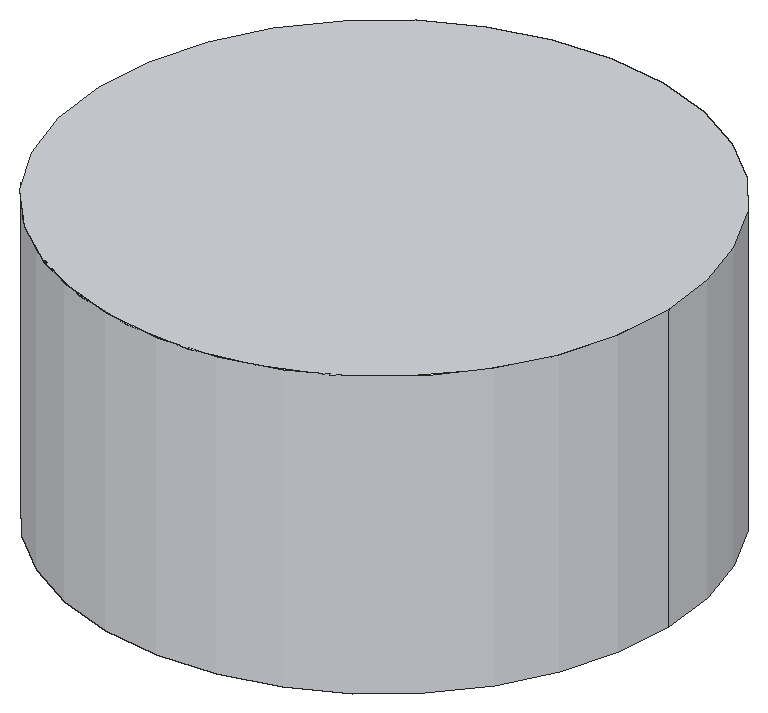
Revit family "ASF-12-C12", category Mechanical Equipment, Revit 2023
Family settings
  Round Connector Dimension = Use Diameter
  Classification = None
  Part Type = Normal
  OmniClass Number = 23.75.00.00
  OmniClass Title = Climate Control (HVAC)
  Work Plane-Based = No
  Always vertical = Yes
  Cut with Voids When Loaded = No
  Maintain Annotation Orientation = No
  Shared = No
  Room Calculation Point = No
Parameters (values of type "Standard")
  Default Elevation = 0' - 0"
  Connector_1_Diameter = 0' - 11 3/4"
Reference planes (in)
  plane 1 "Center (Front/Back)": y = 0
  plane 2: z = 0
  plane 3 "Center (Left/Right)": x = 0
Forms (in)
  Extrusion 1, solid
    sketch origin (0, 0, -20.46769) x (1, 0, 0) y (0, 1, 0)
      loop
        circle (0, 0) r 0.12
    from 0 to -0.12
Dimensions and locks (in)
  aligned and locked: plane 2 to level
Connectors (in)
  hvac at (0, 0, -20.46769), driven by "Connector_1_Diameter"
    settings: on Extrusion 1, index 1, duct flow 0 CFM, flow factor 0, pres drop 0.00 in-wg, loss coef 0, conn angle 0.00°, conn width 12", conn height 12", conn diameter 11 3/4", duct sys type 3, conn prof type 0, flow config 1, flow direction 1, loss method 0, conn ref index -1, conn util no, is conn primary yes, conn desc ""
